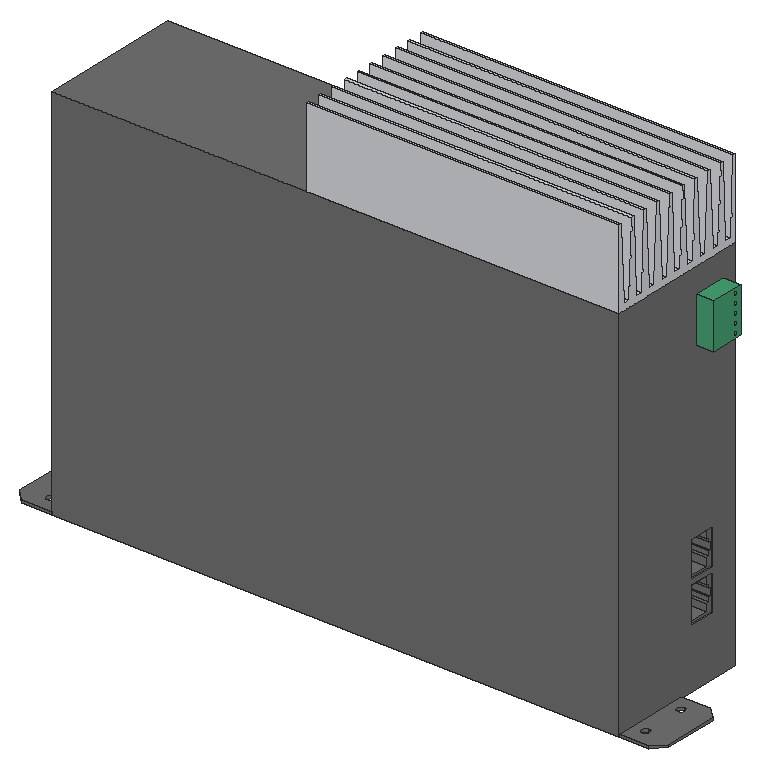
Revit family "БА50_220_RV17_LOD400 (05.11.23)", category Электрооборудование, Revit 2017
Family settings
  Конфигурация панели = Два столбца, слева направо
  Размер круглого соединителя = Использовать диаметр
  Тип детали = Щит
  На основе рабочей плоскости = Да
  Всегда вертикально = Нет
  При загрузке вырезать с полостями = Нет
  Общий = Нет
  Точка расчета площади = Нет
Parameters (values of type "БА50/220")
  Смещение_УГО_Y [instance] = 0 mm
  Смещение_УГО_X [instance] = 0 mm
  Раздел проекта [instance] = ""
  Раздел Спецификации [instance] = ""
  Default Elevation = 1219.2 mm
  Номинальный потребляемый ток, не более, А = 0.16 A
  Напряжение = "220"
  Мощность = "44"
  Коэффициент усиления по напряжению Au, дБ = 45
  Количество аудиоканалов, шт = 2
  Интерфейс связи = "10BaseT/100Base TX Ethernet"
  Долговременная выходная мощность, Вт = "2 х 22"
  Диапазон рабочих температур, °С = "от – 40 до + 50"
  Диапазон воспроизводимых частот, Гц = "20... 15000"
  Время непрерывной работы, ч = "круглосуточно"
  В_Смещение_УГО_Y [instance] = Смещение_УГО_Y + 2000 mm  # 2000 mm
  В_Смещение_УГО_X [instance] = Смещение_УГО_X + 2000 mm  # 2000 mm
  d_короба = 20 mm
  ADSK_Размер_Длина = 286 mm
  ADSK_Размер_Глубина = 202 mm
  ADSK_Размер_Высота = 64 mm
  ADSK_Примечание = ""
  ADSK_Наименование = "Аудиоусилитель БА50/220"
  ADSK_Масса = 2.5
  ADSK_Марка = "СТВФ.426471.125"
  ADSK_Количество = 1
  ADSK_Завод-изготовитель = "ООО «Основа Безопасности»"  # constant formula
  ADSK_Единица измерения = "шт."  # constant formula
  ADSK_URL страницы изделия = "https://stilsoft.ru/products/audiousilitel_ba50_220"
  ADSK_URL документации изделия = ""
Reference planes
  plane 1 "По центру (Вперед/Назад)": y = 0
  plane 2: z = 0
  plane 3 "По центру (Влево/Вправо)": x = 0
  plane 4: y = 2000
  plane 5: x = -2000
  plane 6: x = 0
  plane 7: y = 0
  plane 8: x = 143
  plane 9: x = -143
  plane 10 "2": x = 125
  plane 11 "1": x = -125
  plane 12: y = 32.485
  plane 13: y = -31.515
  plane 14: z = 202
Forms (mm)
  Extrusion 1, solid, material "По умолчанию", detail levels medium+fine
    sketch origin (0, 32.485, 0) x (0, -1, 0) y (1, 0, 0)
      loop
        line (64, -125) -> (64, 125) -> (0, 125) -> (0, -125) -> (64, -125)
    from 167 to 0
  Extrusion 2, solid, material "По умолчанию", detail levels medium+fine
    sketch origin (0, 32.485, 0) x (0, -1, 0) y (1, 0, 0)
      loop
        line (64, -138.031) -> (64, -125) -> (30, -125) -> (30, -138.031) -> (34.969, -143) -> (59.031, -143) -> (64, -138.031)
      loop
        circle (56.688, -131.152) r 1.739
      loop
        circle (37.312, -131.152) r 1.739
    from 0 to 1
  Extrusion 3, solid, material "По умолчанию", detail levels medium+fine
    sketch origin (0, 32.485, 0) x (0, 1, 0) y (-1, 0, 0)
      loop
        line (-64, -138.031) -> (-59.031, -143) -> (-34.969, -143) -> (-30, -138.031) -> (-30, -125) -> (-64, -125) -> (-64, -138.031)
      loop
        circle (-56.688, -131.152) r 1.739
      loop
        circle (-37.312, -131.152) r 1.739
    from 0 to 1
  Extrusion 4, solid, detail levels medium+fine
    sketch origin (0, 32.485, 0) x (0, -1, 0) y (1, 0, 0)
      loop
        line (64, -12.654) -> (64, 125) -> (0, 125) -> (0, -12.654) -> (64, -12.654)
    from 167 to 202
  Blend 5, void
    base sketch origin (0, 32.485, 0) x (0, -1, 0) y (1, 0, 0)
      loop
        line (62.983, 125) -> (56.997, 125) -> (56.997, -18.64) -> (62.983, -12.654) -> (62.983, 125)
    top sketch origin (0, 32.485, 0) x (0, -1, 0) y (1, 0, 0)
      loop
        line (61.49, 125) -> (58.522, 125) -> (58.522, -15.622) -> (61.49, -12.654) -> (61.49, 125)
    from 202 to 170
  Blend 6, void
    base sketch origin (0, 39.488, 0) x (0, -1, 0) y (1, 0, 0)
      loop
        line (62.983, 125) -> (56.997, 125) -> (56.997, -18.64) -> (62.983, -12.654) -> (62.983, 125)
    top sketch origin (0, 39.488, 0) x (0, -1, 0) y (1, 0, 0)
      loop
        line (61.49, 125) -> (58.522, 125) -> (58.522, -15.622) -> (61.49, -12.654) -> (61.49, 125)
    from 202 to 170
  Blend 7, void
    base sketch origin (0, 46.491, 0) x (0, -1, 0) y (1, 0, 0)
      loop
        line (62.983, 125) -> (56.997, 125) -> (56.997, -18.64) -> (62.983, -12.654) -> (62.983, 125)
    top sketch origin (0, 46.491, 0) x (0, -1, 0) y (1, 0, 0)
      loop
        line (61.49, 125) -> (58.522, 125) -> (58.522, -15.622) -> (61.49, -12.654) -> (61.49, 125)
    from 202 to 170
  Blend 8, void
    base sketch origin (0, 53.495, 0) x (0, -1, 0) y (1, 0, 0)
      loop
        line (62.983, 125) -> (56.997, 125) -> (56.997, -18.64) -> (62.983, -12.654) -> (62.983, 125)
    top sketch origin (0, 53.495, 0) x (0, -1, 0) y (1, 0, 0)
      loop
        line (61.49, 125) -> (58.522, 125) -> (58.522, -15.622) -> (61.49, -12.654) -> (61.49, 125)
    from 202 to 170
  Blend 9, void
    base sketch origin (0, 60.498, 0) x (0, -1, 0) y (1, 0, 0)
      loop
        line (62.983, 125) -> (56.997, 125) -> (56.997, -18.64) -> (62.983, -12.654) -> (62.983, 125)
    top sketch origin (0, 60.498, 0) x (0, -1, 0) y (1, 0, 0)
      loop
        line (61.49, 125) -> (58.522, 125) -> (58.522, -15.622) -> (61.49, -12.654) -> (61.49, 125)
    from 202 to 170
  Blend 10, void
    base sketch origin (0, 67.501, 0) x (0, -1, 0) y (1, 0, 0)
      loop
        line (62.983, 125) -> (56.997, 125) -> (56.997, -18.64) -> (62.983, -12.654) -> (62.983, 125)
    top sketch origin (0, 67.501, 0) x (0, -1, 0) y (1, 0, 0)
      loop
        line (61.49, 125) -> (58.522, 125) -> (58.522, -15.622) -> (61.49, -12.654) -> (61.49, 125)
    from 202 to 170
  Blend 11, void
    base sketch origin (0, 74.505, 0) x (0, -1, 0) y (1, 0, 0)
      loop
        line (62.983, 125) -> (56.997, 125) -> (56.997, -18.64) -> (62.983, -12.654) -> (62.983, 125)
    top sketch origin (0, 74.505, 0) x (0, -1, 0) y (1, 0, 0)
      loop
        line (61.49, 125) -> (58.522, 125) -> (58.522, -15.622) -> (61.49, -12.654) -> (61.49, 125)
    from 202 to 170
  Blend 12, void
    base sketch origin (0, 81.508, 0) x (0, -1, 0) y (1, 0, 0)
      loop
        line (62.983, 125) -> (56.997, 125) -> (56.997, -18.64) -> (62.983, -12.654) -> (62.983, 125)
    top sketch origin (0, 81.508, 0) x (0, -1, 0) y (1, 0, 0)
      loop
        line (61.49, 125) -> (58.522, 125) -> (58.522, -15.622) -> (61.49, -12.654) -> (61.49, 125)
    from 202 to 170
  Blend 13, void
    base sketch origin (0, 88.511, 0) x (0, -1, 0) y (1, 0, 0)
      loop
        line (62.983, 125) -> (56.997, 125) -> (56.997, -18.64) -> (62.983, -12.654) -> (62.983, 125)
    top sketch origin (0, 88.511, 0) x (0, -1, 0) y (1, 0, 0)
      loop
        line (61.49, 125) -> (58.522, 125) -> (58.522, -15.622) -> (61.49, -12.654) -> (61.49, 125)
    from 202 to 170
  Extrusion 14, void
    sketch origin (125, 32.485, 0) x (0, 0, 1) y (0, -1, 0)
      loop
        line (44.407, 24.277) -> (44.407, 12.092) -> (60.498, 12.092) -> (60.498, 24.277) -> (44.407, 24.277)
      loop
        line (26.274, 24.277) -> (26.274, 12.092) -> (42.365, 12.092) -> (42.365, 24.277) -> (26.274, 24.277)
    from 0 to -1
  Extrusion 15, void
    sketch origin (125, 32.485, 0) x (0, 0, 1) y (0, -1, 0)
      loop
        line (26.966, 23.233) -> (26.966, 14.293) -> (30.476, 14.293) -> (30.476, 13.156) -> (32.459, 13.156) -> (32.459, 12.288) -> (36.003, 12.288) -> (36.003, 13.156) -> (37.986, 13.156) -> (37.986, 14.293) -> (41.496, 14.293) -> (41.496, 23.233) -> (26.966, 23.233)
      loop
        line (45.098, 23.233) -> (45.098, 14.293) -> (48.609, 14.293) -> (48.609, 13.156) -> (50.592, 13.156) -> (50.592, 12.288) -> (54.135, 12.288) -> (54.135, 13.156) -> (56.118, 13.156) -> (56.118, 14.293) -> (59.629, 14.293) -> (59.629, 23.233) -> (45.098, 23.233)
    from -1 to -10
  Extrusion 16, solid, material "ЭЛЕМЕНТЫ", detail levels medium+fine
    sketch origin (125, 32.485, 0) x (0, 0, 1) y (0, -1, 0)
      loop
        line (136.294, 21.865) -> (136.294, 6.865) -> (156.294, 6.865) -> (156.294, 21.865) -> (136.294, 21.865)
    from 0 to 8
  Extrusion 17, void
    sketch origin (125, 32.485, 0) x (0, 0, 1) y (0, -1, 0)
      loop
        line (137.282, 10.682) -> (137.282, 8.849) -> (139.282, 8.849) -> (139.282, 10.682) -> (137.282, 10.682)
    from 8 to 5
  Extrusion 18, void
    sketch origin (125, 32.485, 3.953) x (0, 0, 1) y (0, -1, 0)
      loop
        line (137.282, 10.682) -> (137.282, 8.849) -> (139.282, 8.849) -> (139.282, 10.682) -> (137.282, 10.682)
    from 8 to 5
  Extrusion 19, void
    sketch origin (125, 32.485, 7.953) x (0, 0, 1) y (0, -1, 0)
      loop
        line (137.282, 10.682) -> (137.282, 8.849) -> (139.282, 8.849) -> (139.282, 10.682) -> (137.282, 10.682)
    from 8 to 5
  Extrusion 20, void
    sketch origin (125, 32.485, 11.906) x (0, 0, 1) y (0, -1, 0)
      loop
        line (137.282, 10.682) -> (137.282, 8.849) -> (139.282, 8.849) -> (139.282, 10.682) -> (137.282, 10.682)
    from 8 to 5
  Extrusion 21, void
    sketch origin (125, 32.485, 15.859) x (0, 0, 1) y (0, -1, 0)
      loop
        line (137.282, 10.682) -> (137.282, 8.849) -> (139.282, 8.849) -> (139.282, 10.682) -> (137.282, 10.682)
    from 8 to 5
Cuts and joins
  Blend 5, Blend 6, Blend 7, Blend 8, Blend 9, Blend 10, Blend 11, Blend 12, Blend 13 cuts Extrusion 4
  Extrusion 14, Extrusion 15 cuts Extrusion 1
  Extrusion 17, Extrusion 18, Extrusion 19, Extrusion 20, Extrusion 21 cuts Extrusion 16
Dimensions and locks
  locked: plane 4 to plane 1 "По центру (Вперед/Назад)" at 2000
  locked: plane 5 to plane 3 "По центру (Влево/Вправо)" at 2000
  "В_Смещение_УГО_X": plane 5 to plane 6
  "В_Смещение_УГО_Y": plane 4 to plane 7
  "ADSK_Размер_Длина": plane 9 to plane 8
  "ADSK_Размер_Высота": plane 12 to plane 13
  "ADSK_Размер_Глубина": plane 14 to level
  aligned and locked: level to plane 2
  aligned and locked: cut or joined group of Extrusion 4, Blend 5, Blend 6, Blend 7, Blend 8, Blend 9, Blend 10, Blend 11, Blend 12, Blend 13 to cut or joined group of Extrusion 1, Extrusion 14, Extrusion 15
  aligned and locked: cut or joined group of Extrusion 16, Extrusion 17, Extrusion 18, Extrusion 19, Extrusion 20, Extrusion 21 to cut or joined group of Extrusion 1, Extrusion 14, Extrusion 15
  aligned and locked: Extrusion 2 to cut or joined group of Extrusion 1, Extrusion 14, Extrusion 15
  aligned and locked: Extrusion 3 to cut or joined group of Extrusion 1, Extrusion 14, Extrusion 15
Automatic sketch dimensions
  Extrusion 1 sketch curve to plane 1 "По центру (Вперед/Назад)" = 32.485 mm
  Extrusion 1 sketch curve to plane 11 "1" = 0 mm
  Extrusion 1 sketch curve to plane 10 "2" = 0 mm
  plane 1 "По центру (Вперед/Назад)" to Extrusion 1 sketch curve = 31.515 mm
  Extrusion 2 sketch curve to plane 11 "1" = 0 mm
  Extrusion 2 sketch curve to plane 9 = 0 mm
  Extrusion 2 sketch curve to plane 9 = 4.969 mm  (x2)
  Extrusion 2 sketch curve to plane 1 "По центру (Вперед/Назад)" = 2.485 mm
  Extrusion 2 sketch curve to Extrusion 2 sketch curve = 4.969 mm
  Extrusion 2 sketch curve to Extrusion 2 sketch curve = 7.312 mm  (x2)
  plane 11 "1" to Extrusion 2 sketch curve = 6.152 mm  (x2)
  Extrusion 2 sketch curve to Extrusion 2 sketch curve = 19.377 mm
  Extrusion 2 sketch curve to Extrusion 2 sketch curve = 2.342 mm
  Extrusion 4 sketch curve to plane 1 "По центру (Вперед/Назад)" = 32.485 mm
  Extrusion 4 sketch curve to plane 10 "2" = 0 mm
  plane 1 "По центру (Вперед/Назад)" to Extrusion 4 sketch curve = 31.515 mm
  Blend 5 sketch curve to plane 10 "2" = 0 mm  (x2)
  plane 1 "По центру (Вперед/Назад)" to Blend 5 sketch curve = 24.512 mm
  Blend 5 sketch curve to Blend 5 sketch curve = 5.986 mm  (x2)
  plane 1 "По центру (Вперед/Назад)" to Blend 5 sketch curve = 26.038 mm
  Blend 5 sketch curve to Blend 5 sketch curve = 2.968 mm  (x2)
  Blend 6 sketch curve to plane 10 "2" = 0 mm  (x2)
  plane 1 "По центру (Вперед/Назад)" to Blend 6 sketch curve = 17.509 mm
  Blend 6 sketch curve to Blend 6 sketch curve = 5.986 mm  (x2)
  plane 1 "По центру (Вперед/Назад)" to Blend 6 sketch curve = 19.034 mm
  Blend 6 sketch curve to Blend 6 sketch curve = 2.968 mm  (x2)
  Blend 7 sketch curve to plane 10 "2" = 0 mm  (x2)
  plane 1 "По центру (Вперед/Назад)" to Blend 7 sketch curve = 10.505 mm
  Blend 7 sketch curve to Blend 7 sketch curve = 5.986 mm  (x2)
  plane 1 "По центру (Вперед/Назад)" to Blend 7 sketch curve = 12.031 mm
  Blend 7 sketch curve to Blend 7 sketch curve = 2.968 mm  (x2)
  Blend 8 sketch curve to plane 10 "2" = 0 mm  (x2)
  plane 1 "По центру (Вперед/Назад)" to Blend 8 sketch curve = 3.502 mm
  Blend 8 sketch curve to Blend 8 sketch curve = 5.986 mm  (x2)
  plane 1 "По центру (Вперед/Назад)" to Blend 8 sketch curve = 5.028 mm
  Blend 8 sketch curve to Blend 8 sketch curve = 2.968 mm  (x2)
  Blend 9 sketch curve to plane 10 "2" = 0 mm  (x2)
  Blend 9 sketch curve to plane 1 "По центру (Вперед/Назад)" = 3.501 mm
  Blend 9 sketch curve to Blend 9 sketch curve = 5.986 mm  (x2)
  Blend 9 sketch curve to plane 1 "По центру (Вперед/Назад)" = 1.976 mm
  Blend 9 sketch curve to Blend 9 sketch curve = 2.968 mm  (x2)
  Blend 10 sketch curve to plane 10 "2" = 0 mm  (x2)
  Blend 10 sketch curve to plane 1 "По центру (Вперед/Назад)" = 10.505 mm
  Blend 10 sketch curve to Blend 10 sketch curve = 5.986 mm  (x2)
  Blend 10 sketch curve to plane 1 "По центру (Вперед/Назад)" = 8.979 mm
  Blend 10 sketch curve to Blend 10 sketch curve = 2.968 mm  (x2)
  Blend 11 sketch curve to plane 10 "2" = 0 mm  (x2)
  Blend 11 sketch curve to plane 1 "По центру (Вперед/Назад)" = 17.508 mm
  Blend 11 sketch curve to Blend 11 sketch curve = 5.986 mm  (x2)
  Blend 11 sketch curve to plane 1 "По центру (Вперед/Назад)" = 15.982 mm
  Blend 11 sketch curve to Blend 11 sketch curve = 2.968 mm  (x2)
  Blend 12 sketch curve to plane 10 "2" = 0 mm  (x2)
  Blend 12 sketch curve to plane 1 "По центру (Вперед/Назад)" = 24.511 mm
  Blend 12 sketch curve to Blend 12 sketch curve = 5.986 mm  (x2)
  Blend 12 sketch curve to plane 1 "По центру (Вперед/Назад)" = 22.986 mm
  Blend 12 sketch curve to Blend 12 sketch curve = 2.968 mm  (x2)
  Blend 13 sketch curve to plane 10 "2" = 0 mm  (x2)
  Blend 13 sketch curve to plane 1 "По центру (Вперед/Назад)" = 31.515 mm
  Blend 13 sketch curve to plane 1 "По центру (Вперед/Назад)" = 25.529 mm
  Blend 13 sketch curve to plane 1 "По центру (Вперед/Назад)" = 29.989 mm
  Blend 13 sketch curve to Blend 13 sketch curve = 2.968 mm  (x2)
  Extrusion 14 sketch curve to plane 1 "По центру (Вперед/Назад)" = 20.392 mm
  level to Extrusion 14 sketch curve = 26.274 mm
  Extrusion 14 sketch curve to Extrusion 14 sketch curve = 16.091 mm  (x2)
  Extrusion 14 sketch curve to Extrusion 14 sketch curve = 2.042 mm
  Extrusion 14 sketch curve to Extrusion 14 sketch curve = 0 mm  (x2)
  Extrusion 14 sketch curve to Extrusion 14 sketch curve = 12.185 mm
  level to Extrusion 15 sketch curve = 26.966 mm
  Extrusion 15 sketch curve to Extrusion 15 sketch curve = 3.511 mm  (x4)
  Extrusion 15 sketch curve to Extrusion 15 sketch curve = 1.983 mm  (x4)
  Extrusion 15 sketch curve to Extrusion 15 sketch curve = 3.543 mm  (x2)
  Extrusion 15 sketch curve to Extrusion 15 sketch curve = 3.602 mm
  Extrusion 15 sketch curve to plane 1 "По центру (Вперед/Назад)" = 20.196 mm  (x2)
  Extrusion 15 sketch curve to Extrusion 15 sketch curve = 0.867 mm  (x4)
  Extrusion 15 sketch curve to Extrusion 15 sketch curve = 1.138 mm  (x4)
  Extrusion 15 sketch curve to Extrusion 15 sketch curve = 8.94 mm  (x2)
  Extrusion 16 sketch curve to plane 1 "По центру (Вперед/Назад)" = 25.62 mm
  level to Extrusion 16 sketch curve = 136.294 mm
  Extrusion 16 sketch curve to Extrusion 16 sketch curve = 20 mm
  Extrusion 16 sketch curve to Extrusion 16 sketch curve = 15 mm
  Extrusion 17 sketch curve to plane 1 "По центру (Вперед/Назад)" = 23.636 mm
  level to Extrusion 17 sketch curve = 137.282 mm
  Extrusion 17 sketch curve to Extrusion 17 sketch curve = 2 mm
  Extrusion 17 sketch curve to Extrusion 17 sketch curve = 1.833 mm
  Extrusion 18 sketch curve to plane 1 "По центру (Вперед/Назад)" = 23.636 mm
  level to Extrusion 18 sketch curve = 141.235 mm
  Extrusion 18 sketch curve to Extrusion 18 sketch curve = 2 mm
  Extrusion 18 sketch curve to Extrusion 18 sketch curve = 1.833 mm
  Extrusion 19 sketch curve to plane 1 "По центру (Вперед/Назад)" = 23.636 mm
  level to Extrusion 19 sketch curve = 145.235 mm
  Extrusion 19 sketch curve to Extrusion 19 sketch curve = 2 mm
  Extrusion 19 sketch curve to Extrusion 19 sketch curve = 1.833 mm
  Extrusion 20 sketch curve to plane 1 "По центру (Вперед/Назад)" = 23.636 mm
  level to Extrusion 20 sketch curve = 149.188 mm
  Extrusion 20 sketch curve to Extrusion 20 sketch curve = 2 mm
  Extrusion 20 sketch curve to Extrusion 20 sketch curve = 1.833 mm
  Extrusion 21 sketch curve to plane 1 "По центру (Вперед/Назад)" = 23.636 mm
  level to Extrusion 21 sketch curve = 153.141 mm
  Extrusion 21 sketch curve to Extrusion 21 sketch curve = 2 mm
  Extrusion 21 sketch curve to Extrusion 21 sketch curve = 1.833 mm
  Extrusion 3 sketch curve to plane 10 "2" = 0 mm
  Extrusion 3 sketch curve to plane 8 = 0 mm
  plane 1 "По центру (Вперед/Назад)" to Extrusion 3 sketch curve = 31.515 mm
  Extrusion 3 sketch curve to Extrusion 3 sketch curve = 4.969 mm  (x2)
  Extrusion 3 sketch curve to Extrusion 3 sketch curve = 7.312 mm
  plane 10 "2" to Extrusion 3 sketch curve = 6.152 mm  (x2)
  Extrusion 3 sketch curve to Extrusion 3 sketch curve = 19.377 mm
  Extrusion 3 sketch curve to Extrusion 3 sketch curve = 2.342 mm
  Extrusion 3 sketch curve to plane 8 = 4.969 mm  (x2)
  Extrusion 4 sketch curve to plane 3 "По центру (Влево/Вправо)" = 12.654 mm
  Blend 5 sketch curve to plane 3 "По центру (Влево/Вправо)" = 12.654 mm  (x2)
  Blend 6 sketch curve to plane 3 "По центру (Влево/Вправо)" = 12.654 mm  (x2)
  Blend 7 sketch curve to plane 3 "По центру (Влево/Вправо)" = 12.654 mm  (x2)
  Blend 8 sketch curve to plane 3 "По центру (Влево/Вправо)" = 12.654 mm  (x2)
  Blend 9 sketch curve to plane 3 "По центру (Влево/Вправо)" = 12.654 mm  (x2)
  Blend 10 sketch curve to plane 3 "По центру (Влево/Вправо)" = 12.654 mm  (x2)
  Blend 11 sketch curve to plane 3 "По центру (Влево/Вправо)" = 12.654 mm  (x2)
  Blend 12 sketch curve to plane 3 "По центру (Влево/Вправо)" = 12.654 mm  (x2)
  Blend 13 sketch curve to plane 3 "По центру (Влево/Вправо)" = 12.654 mm  (x2)
  Blend 13 sketch curve to Blend 13 sketch curve = 5.986 mm
  radius of Extrusion 2 sketch curve = 1.739 mm  (x2)
  radius of Extrusion 3 sketch curve = 1.739 mm  (x2)
Connectors
  electrical at (-125, 0.485, 83.5)
    settings: on cut or joined group of Extrusion 1, Extrusion 14, Extrusion 15, index 1, voltage 0 V, apparent load 0 VA, apparent load phase1 0 VA, apparent load phase2 0 VA, apparent load phase3 0 VA, power factor 1, load classification "Прочее", number of poles 1, system type 14, power factor state 1, is connector primary yes, connector utility no, sub classification motor no, connector description ""
  cabletrayconduit at (-125, 0.485, 83.5), diameter 20, driven by "d_короба"
    settings: on cut or joined group of Extrusion 1, Extrusion 14, Extrusion 15, index 2, connector width 300 mm, connector height 300 mm, connector angle 0.00°, system type 32, placement type 0, profile type 0, connector reference index -1, is primary connector yes, connector utility param no, connector description ""
